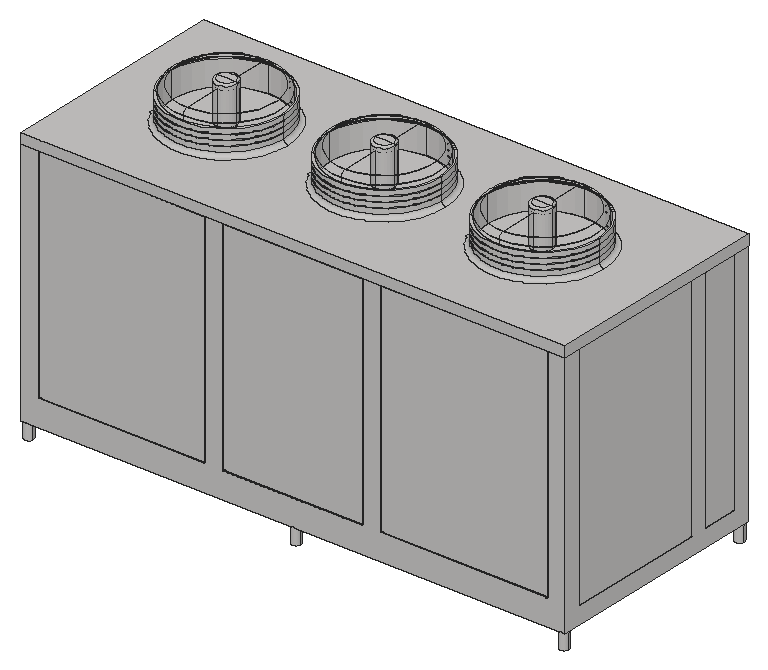
Revit family "QF_NuovAIR_CU-N550T2XL----", category Specialty Equipment, Revit 2019
Family settings
  Round Connector Dimension = Use Diameter
  Part Type = Normal
  Work Plane-Based = No
  Always vertical = Yes
  Cut with Voids When Loaded = No
  Shared = No
  Room Calculation Point = No
Parameters (values of type "CU-N550T2XL_400V 50A")
  Weight = 1133.00 kg
  Volts = 400 V
  Volt Free Conn = no
  URL Manufacturer = "https://www.nuovair.com/"
  URL Cutsheet = "N550T2XL-en-1.pdf"
  URL = ""
  Show Logo [instance] = yes
  Show Clearance [instance] = no
  Refrigeration Suction Line Size = 54 mm
  Refrigeration Liquid Line Size = 22 mm
  Refrigeration Energy Efficiency Index = ""
  Refrigeration Climate Class = ""
  Refrigerant Type = "R452a"
  Refrigerant Compressor Remote = no
  Potential Equalisation = yes
  Phase = 3
  Number of Poles = 3
  Model = "CU-N550T2XL"
  Mat_Legs = QF_Stainless-Brushed
  Mat_Clearance = QF_Clearance
  Mat_Case = QF_Stainless-Brushed
  Masterspec = ""
  Manufacturer = "NUOVAIR"
  Main switch integrated = no
  Length Actual = 3100 mm  # constant formula
  Legs_R = 25 mm  # constant formula
  Keynote = "0"
  Item Number = "CU-N550T2XL"
  Identify Quantity as Lot = no
  Horse Power = "35"
  Height Actual = 1780 mm  # constant formula
  Foodservice Equipment Identifier = yes
  Energy Efficiency Labelling = ""
  FL Amps = 76 A
  Electric power = 38000000 W
  Elec Connection Height = 400 mm
  Ele_Note = ""
  Direct Waste Size = 0 mm
  Direct Waste Connection Height = 0 mm
  Description = "Condensing Unit"
  Description_FR = ""
  Description_ES = ""
  Description_EN = ""
  Description_DE = ""
  Depth Actual = 1300 mm  # constant formula
  Cycle = 50 Hz
  Conn Plug = "terminal block"
  CE Approved = yes
  Author = ""
  Accessory = no
Types (3, lengths in mm): name | Volts | FL Amps | Cycle
  CU-N550T2XL_400V 50A | 400 V | 76 A | 50 Hz
  CU-N550T2XL_440V 60A | 440 V | 83 A | 60 Hz
  CU-N550T2XL_230V 60A | 230 V | 159 A | 60 Hz
Reference planes
  plane 1 "Center (Front/Back)": y = 0
  plane 2: z = 0
  plane 3 "Center (Left/Right)": x = 0
  plane 4 "SX": x = -1550
  plane 5 "DX": x = 1550
  plane 6: y = -1300
  plane 7: y = -2100
  plane 8 "top": z = 1780
  plane 9: y = 800
  plane 10: x = 2050
  plane 11: x = -2050
  plane 12 "Base": z = 90
  plane 13: z = 1500
  plane 14: x = -1525
  plane 15: x = 1525
  plane 16: y = -25
  plane 17: y = -1275
  plane 18: z = 1560
  plane 19: z = 190
  plane 20: y = -100
  plane 21: y = -1200
  plane 22: x = -1450
  plane 23: x = -500
  plane 24: x = 500
  plane 25: x = 1450
  plane 26: z = 240
  plane 27: x = -400
  plane 28: x = 400
  plane 29: y = -300
  plane 30: y = -400
  plane 31 "Ventilator_X_01": x = -900
  plane 32 "Ventilator_X_02": x = 900
  plane 33 "Ventilator_Y": y = -650
Forms (mm)
  Extrusion 1, solid, material "QF_Clearance" <- "Mat_Clearance", visible <- "Show Clearance"
    sketch origin (0, 0, 0) x (1, 0, 0) y (0, 1, 0)
      loop
        line (-1550, 800) -> (-1550, -2100) -> (1550, -2100) -> (1550, 800) -> (-1550, 800)
    from 0 to 1780
  Extrusion 2, solid, material "QF_Clearance" <- "Mat_Clearance", visible <- "Show Clearance"
    sketch origin (0, 0, 0) x (1, 0, 0) y (0, 1, 0)
      loop
        line (-1550, 0) -> (-1550, -1300) -> (1550, -1300) -> (1550, 0) -> (-1550, 0)
    from 0 to 1780
  Extrusion 3, solid, material "QF_Stainless-Brushed" <- "Mat_Case", detail levels medium+fine
    sketch origin (0, 0, 90) x (-1, 0, 0) y (0, -1, 0)
      loop
        line (1550, 0) -> (1550, 1300) -> (-1550, 1300) -> (-1550, 0) -> (1550, 0)
    from 0 to 1410
  Extrusion 4, solid, material "QF_Clearance", visible <- "Show Clearance"
    sketch origin (0, 0, 0) x (1, 0, 0) y (0, 1, 0)
      loop
        line (-2050, -1300) -> (2050, -1300) -> (2050, 0) -> (-2050, 0) -> (-2050, -1300)
    from 0 to 1780
  Extrusion 5, solid, material "QF_Stainless-Brushed" <- "Mat_Legs", detail levels medium+fine
    sketch origin (0, 0, 0) x (1, 0, 0) y (0, 1, 0)
      loop
        circle (-1525, -25) r 25
      loop
        circle (1525, -25) r 25
      loop
        circle (-1525, -1275) r 25
      loop
        circle (1525, -1275) r 25
      loop
        circle (0, -1275) r 25
      loop
        circle (0, -25) r 25
    from 0 to 90
  Extrusion 6, solid, material "QF_Stainless-Brushed", detail levels medium+fine
    sketch origin (-1430.553, -1524, 1500) x (-1, 0, 0) y (0, -1, 0)
      loop
        line (121.447, -1526) -> (121.447, -222) -> (-2982.553, -222) -> (-2982.553, -1526) -> (121.447, -1526)
    from 0 to 60
  Sweep 7, void
    path origin (-909.885, -1300, 4000) x (-1, 0, 0) y (0, 0, 1)
      loop
        line (540.115, -2500) -> (540.115, -3760) -> (-409.885, -3760) -> (-409.885, -2500)
    profile "PRF_scalpel : PRF_scalpel" origin (-1450, -1300, 870) x (-1, 0, 0) y (0, 1, 0)
      loop
        line (0, 1) -> (-2, -1) -> (-2, -51) -> (2, -51) -> (2, -1) -> (0, 1)
  Sweep 8, void
    path origin (950.115, -1300, 4000) x (-1, 0, 0) y (0, 0, 1)
      loop
        line (-499.885, -2500) -> (-499.885, -3760) -> (450.115, -3760) -> (450.115, -2500)
    profile "PRF_scalpel : PRF_scalpel" origin (1450, -1300, 870) x (-1, 0, 0) y (0, 1, 0)
      loop
        line (0, 1) -> (-2, -1) -> (-2, -51) -> (2, -51) -> (2, -1) -> (0, 1)
  Sweep 9, void
    path origin (0, 0, 0) x (1, 0, 0) y (0, 0, 1)
      loop
        line (1450, 1500) -> (1450, 240) -> (500, 240) -> (500, 1500)
    profile "PRF_scalpel : PRF_scalpel" origin (1450, 0, 870) x (1, 0, 0) y (0, -1, 0)
      loop
        line (0, 1) -> (-2, -1) -> (-2, -51) -> (2, -51) -> (2, -1) -> (0, 1)
  Sweep 10, void
    path origin (-700, 0, 0) x (1, 0, 0) y (0, 0, 1)
      loop
        line (1100, 1500) -> (1100, 240) -> (300, 240) -> (300, 1500)
    profile "PRF_scalpel : PRF_scalpel" origin (-400, 0, 870) x (1, 0, 0) y (0, -1, 0)
      loop
        line (0, 1) -> (-2, -1) -> (-2, -51) -> (2, -51) -> (2, -1) -> (0, 1)
  Sweep 11, void
    path origin (-1860, 0, 0) x (1, 0, 0) y (0, 0, 1)
      loop
        line (410, 1500) -> (410, 240) -> (1360, 240) -> (1360, 1500)
    profile "PRF_scalpel : PRF_scalpel" origin (-1450, 0, 870) x (1, 0, 0) y (0, -1, 0)
      loop
        line (0, 1) -> (-2, -1) -> (-2, -51) -> (2, -51) -> (2, -1) -> (0, 1)
  Sweep 12, void
    path origin (-1550, 180.447, 4000) x (0, 1, 0) y (0, 0, 1)
      loop
        line (-280.447, -2500) -> (-280.447, -3810) -> (-480.447, -3810) -> (-480.447, -2500)
    profile "PRF_scalpel : PRF_scalpel" origin (-1550, -100, 845) x (0, 1, 0) y (1, 0, 0)
      loop
        line (0, 1) -> (-2, -1) -> (-2, -51) -> (2, -51) -> (2, -1) -> (0, 1)
  Sweep 13, void
    path origin (-1550, -279.553, 4000) x (0, 1, 0) y (0, 0, 1)
      loop
        line (-920.447, -2500) -> (-920.447, -3810) -> (-120.447, -3810) -> (-120.447, -2500)
    profile "PRF_scalpel : PRF_scalpel" origin (-1550, -1200, 845) x (0, 1, 0) y (1, 0, 0)
      loop
        line (0, 1) -> (-2, -1) -> (-2, -51) -> (2, -51) -> (2, -1) -> (0, 1)
  Sweep 14, void
    path origin (1550, 180.447, 4000) x (0, 1, 0) y (0, 0, 1)
      loop
        line (-1380.447, -2500) -> (-1380.447, -3810) -> (-580.447, -3810) -> (-580.447, -2500)
    profile "PRF_scalpel : PRF_scalpel" origin (1550, -1200, 845) x (0, 1, 0) y (1, 0, 0)
      loop
        line (0, -1) -> (2, 1) -> (2, 51) -> (-2, 51) -> (-2, 1) -> (0, -1)
  Sweep 15, void
    path origin (1550, 640.447, 4000) x (0, 1, 0) y (0, 0, 1)
      loop
        line (-740.447, -2500) -> (-740.447, -3810) -> (-940.447, -3810) -> (-940.447, -2500)
    profile "PRF_scalpel : PRF_scalpel" origin (1550, -300, 845) x (0, 1, 0) y (1, 0, 0)
      loop
        line (0, -1) -> (2, 1) -> (2, 51) -> (-2, 51) -> (-2, 1) -> (0, -1)
  Sweep 16, void
    path origin (-909.885, -1300, 4000) x (-1, 0, 0) y (0, 0, 1)
      loop
        line (-509.885, -2500) -> (-509.885, -3760) -> (-1309.885, -3760) -> (-1309.885, -2500)
    profile "PRF_scalpel : PRF_scalpel" origin (-400, -1300, 870) x (-1, 0, 0) y (0, 1, 0)
      loop
        line (0, 1) -> (-2, -1) -> (-2, -51) -> (2, -51) -> (2, -1) -> (0, 1)
Cuts and joins
  joined: Extrusion 1, Extrusion 2
  Sweep 7, Sweep 8, Sweep 9, Sweep 10, Sweep 11, Sweep 12, Sweep 13, Sweep 14, Sweep 15, Sweep 16 cuts Extrusion 3
Lines and regions (mm)
  model lines, style "InvisibleLines"
    curve 1: line (-50, 0, 0) -> (50, 0, 0)
    curve 2: line (0, 50, 0) -> (0, -50, 0)
  model lines, style "QF_Case", detail levels coarse
    curve 3: line (-1550, 0, 0) -> (1550, 0, 0)
    curve 4: line (-1550, -1300, 0) -> (-1550, 0, 0)
    curve 5: line (1550, -1300, 0) -> (-1550, -1300, 0)
    curve 6: line (1550, 0, 0) -> (1550, -1300, 0)
    curve 7: line (1550, -1300, 1780) -> (1550, -1300, 0)
    curve 8: line (1550, 0, 1780) -> (1550, 0, 0)
    curve 9: line (-1550, -1300, 1780) -> (-1550, -1300, 0)
    curve 10: line (-1550, 0, 1780) -> (-1550, 0, 0)
    curve 11: line (-1550, 0, 1780) -> (1550, 0, 1780)
    curve 12: line (-1550, -1300, 1780) -> (-1550, 0, 1780)
    curve 13: line (1550, -1300, 1780) -> (-1550, -1300, 1780)
    curve 14: line (1550, 0, 1780) -> (1550, -1300, 1780)
Dimensions and locks
  curve 1 to plane 3 "Center (Left/Right)" to curve 1 = 50 mm locked, 50 mm locked
  curve 2 to plane 1 "Center (Front/Back)" to curve 2 = 50 mm locked, 50 mm locked
  "Height Actual": plane 8 "top" to level
  "Depth Actual": plane 6 to plane 1 "Center (Front/Back)"
  equal spacing: plane 4 "SX", plane 3 "Center (Left/Right)", plane 5 "DX"
  "Length Actual": plane 4 "SX" to plane 5 "DX"
  plane 6 to plane 1 "Center (Front/Back)" = 1300 mm
  locked: plane 1 "Center (Front/Back)" to plane 9 at 800
  locked: plane 6 to plane 7 at 800
  locked: plane 5 "DX" to plane 10 at 500
  locked: plane 11 to plane 4 "SX" at 500
  locked: plane 12 "Base" to Extrusion 4 at 90
  locked: plane 4 "SX" to plane 14 at 25
  locked: plane 15 to plane 5 "DX" at 25
  locked: plane 16 to plane 1 "Center (Front/Back)" at 25
  locked: Extrusion 6 sketch curve to plane 4 "SX" at 2
  locked: plane 5 "DX" to Extrusion 6 sketch curve at 2
  locked: plane 1 "Center (Front/Back)" to Extrusion 6 sketch curve at 2
  locked: plane 17 to plane 6 at 25
  locked: plane 6 to Extrusion 6 sketch curve at 2
  locked: plane 19 to plane 12 "Base" at 100
  locked: plane 20 to plane 1 "Center (Front/Back)" at 100
  locked: plane 21 to plane 6 at 100
  locked: plane 4 "SX" to plane 22 at 100
  locked: plane 4 "SX" to plane 23 at 1050
  locked: plane 25 to plane 5 "DX" at 100
  locked: plane 24 to plane 5 "DX" at 1050
  locked: plane 26 to plane 19 at 50
  locked: plane 13 to plane 12 "Base" at 1410
  locked: plane 18 to plane 13 at 60
  locked: plane 8 "top" to plane 18 at 220
  locked: plane 4 "SX" to plane 27 at 1150
  locked: plane 28 to plane 5 "DX" at 1150
  locked: plane 20 to plane 29 at 200
  locked: plane 29 to plane 30 at 100
  locked: plane 31 "Ventilator_X_01" to plane 3 "Center (Left/Right)" at 900
  locked: plane 3 "Center (Left/Right)" to plane 32 "Ventilator_X_02" at 900
  equal spacing: plane 6, plane 33 "Ventilator_Y", plane 1 "Center (Front/Back)", locked at 650 each
  "Legs_R": radius of Extrusion 5 sketch curve  (x6)
  aligned and locked: level to plane 2
  aligned and locked: Extrusion 1 sketch curve to plane 4 "SX"
  aligned and locked: plane 7 to Extrusion 1 sketch curve
  aligned and locked: Extrusion 1 sketch curve to plane 5 "DX"
  aligned and locked: plane 8 "top" to Extrusion 1
  aligned and locked: curve 3 to plane 1 "Center (Front/Back)"
  aligned and locked: curve 5 to plane 6
  aligned and locked: curve 6 to plane 5 "DX"
  aligned and locked: plane 4 "SX" to curve 4
  aligned and locked: plane 8 "top" to curve 8
  aligned and locked: plane 8 "top" to curve 7
  aligned and locked: plane 8 "top" to curve 10
  aligned and locked: plane 8 "top" to curve 9
  aligned and locked: level to curve 8
  aligned and locked: level to curve 7
  aligned and locked: level to curve 10
  aligned and locked: level to curve 9
  aligned and locked: curve 8 to plane 1 "Center (Front/Back)"
  aligned and locked: curve 10 to plane 1 "Center (Front/Back)"
  aligned and locked: plane 6 to curve 7
  aligned and locked: plane 6 to curve 9
  aligned and locked: Extrusion 2 sketch curve to plane 1 "Center (Front/Back)"
  aligned and locked: Extrusion 2 sketch curve to plane 6
  aligned and locked: plane 8 "top" to Extrusion 2
  aligned and locked: curve 11 to plane 1 "Center (Front/Back)"
  aligned and locked: curve 13 to plane 6
  aligned and locked: Extrusion 3 sketch curve to plane 1 "Center (Front/Back)"
  aligned and locked: Extrusion 3 sketch curve to plane 5 "DX"
  aligned and locked: plane 4 "SX" to Extrusion 3 sketch curve
  aligned and locked: Extrusion 1 sketch curve to plane 9
  aligned and locked: Extrusion 4 sketch curve to plane 11
  aligned and locked: plane 10 to Extrusion 4 sketch curve
  aligned and locked: Extrusion 4 sketch curve to plane 6
  aligned and locked: Extrusion 4 sketch curve to plane 1 "Center (Front/Back)"
  aligned and locked: Extrusion 4 to plane 8 "top"
  aligned and locked: Extrusion 4 to level
  aligned and locked: Extrusion 3 to plane 12 "Base"
  aligned and locked: plane 13 to Extrusion 3
  aligned and locked: plane 14 to Extrusion 5 sketch curve  (x2)
  aligned and locked: plane 15 to Extrusion 5 sketch curve  (x2)
  aligned and locked: plane 17 to Extrusion 5 sketch curve  (x3)
  aligned and locked: plane 16 to Extrusion 5 sketch curve  (x3)
  aligned and locked: Extrusion 5 to level
  aligned and locked: Extrusion 6 to plane 13
  aligned and locked: Extrusion 3 sketch curve to plane 6
  aligned and locked: plane 18 to Extrusion 6
  aligned and locked: plane 13 to Sweep 7 sketch curve  (x2)
  aligned and locked: Sweep 7 sketch curve to plane 22
  aligned and locked: plane 13 to Sweep 8 sketch curve  (x2)
  aligned and locked: Sweep 8 sketch curve to plane 25
  aligned and locked: plane 13 to Sweep 9 sketch curve  (x2)
  aligned and locked: plane 25 to Sweep 9 sketch curve
  aligned and locked: plane 13 to Sweep 10 sketch curve  (x2)
  aligned and locked: plane 13 to Sweep 11 sketch curve  (x2)
  aligned and locked: plane 22 to Sweep 11 sketch curve
  aligned and locked: plane 13 to Sweep 12 sketch curve  (x2)
  aligned and locked: plane 19 to Sweep 12 sketch curve  (x2)
  aligned and locked: plane 20 to Sweep 12 sketch curve
  aligned and locked: plane 13 to Sweep 13 sketch curve  (x2)
  aligned and locked: plane 19 to Sweep 13 sketch curve
  aligned and locked: plane 21 to Sweep 13 sketch curve
  aligned and locked: plane 13 to Sweep 14 sketch curve  (x2)
  aligned and locked: plane 19 to Sweep 14 sketch curve
  aligned and locked: Sweep 14 sketch curve to plane 21
  aligned and locked: plane 13 to Sweep 15 sketch curve  (x2)
  aligned and locked: plane 19 to Sweep 15 sketch curve
  aligned and locked: Sweep 15 sketch curve to plane 20
  aligned and locked: plane 12 "Base" to Extrusion 5
  aligned and locked: plane 26 to Sweep 7 sketch curve
  aligned and locked: plane 23 to Sweep 7 sketch curve
  aligned and locked: Sweep 8 sketch curve to plane 24
  aligned and locked: Sweep 8 sketch curve to plane 26
  aligned and locked: plane 28 to Sweep 10 sketch curve
  aligned and locked: plane 26 to Sweep 10 sketch curve
  aligned and locked: plane 27 to Sweep 10 sketch curve
  aligned and locked: plane 24 to Sweep 9 sketch curve
  aligned and locked: plane 26 to Sweep 9 sketch curve
  aligned and locked: plane 23 to Sweep 11 sketch curve
  aligned and locked: Sweep 11 sketch curve to plane 26
  aligned and locked: plane 30 to Sweep 14 sketch curve
  aligned and locked: Sweep 14 sketch curve to plane 19
  aligned and locked: Sweep 15 sketch curve to plane 29
  aligned and locked: Sweep 15 sketch curve to plane 19
  aligned and locked: plane 29 to Sweep 12 sketch curve
  aligned and locked: plane 30 to Sweep 13 sketch curve
  aligned and locked: Sweep 13 sketch curve to plane 19
  aligned and locked: plane 5 "DX" to nested 2
  aligned and locked: plane 5 "DX" to nested 1
  aligned and locked: plane 1 "Center (Front/Back)" to nested 1
  aligned and locked: plane 1 "Center (Front/Back)" to nested 2
  aligned and locked: nested 3 to plane 1 "Center (Front/Back)"
  aligned and locked: nested 3 to plane 4 "SX"
  aligned and locked: plane 3 "Center (Left/Right)" to Extrusion 5 sketch curve  (x2)
  aligned and locked: nested 4 to plane 31 "Ventilator_X_01"
  aligned and locked: nested 5 to plane 3 "Center (Left/Right)"
  aligned and locked: nested 6 to plane 32 "Ventilator_X_02"
  aligned and locked: plane 33 "Ventilator_Y" to nested 6
  aligned and locked: plane 33 "Ventilator_Y" to nested 4
  aligned and locked: plane 33 "Ventilator_Y" to nested 5
  aligned and locked: plane 13 to Sweep 16 sketch curve  (x2)
  aligned and locked: Sweep 16 sketch curve to plane 26
  aligned and locked: Sweep 16 sketch curve to plane 27
  aligned and locked: plane 28 to Sweep 16 sketch curve
Automatic sketch dimensions
  curve 2 to plane 3 "Center (Left/Right)" = 0 mm
  plane 1 "Center (Front/Back)" to curve 1 = 0 mm
  curve 11 to plane 5 "DX" = 0 mm
  curve 13 to plane 4 "SX" = 0 mm
  Extrusion 2 sketch curve to plane 4 "SX" = 0 mm
  Extrusion 2 sketch curve to plane 5 "DX" = 0 mm
Nested families
  nested 1: "Connection_DxSx" at (1550, 0, 1000), type "KTM", not visible
    with Width_DX 0 mm, Width Offset 0 mm, Depth Offset 350 mm, DX no
  nested 2: "Connection_DxSx" at (1550, 0, 270), type "KTM", not visible
    with Width_DX 0 mm, Width Offset 0 mm, Depth Offset 350 mm, DX no
  nested 3: "Connection_DxSx" at (-1550, 0, 400) x (0, -1, 0) z (0, 0, 1), built-in parameter 1001364 <- "Elec Connection Height", type "KTM", not visible
    with Width_DX 120 mm, Width Offset 60 mm, Depth Offset 0 mm, DX yes
  nested 4: "Ventilator_B" at (-900, -650, 1560) x (-1, 0, 0) z (0, 0, 1), Mat_A <- "Mat_Case", Mat_B <- "Mat_Case", type "Ventilator_B", detail levels medium+fine
    with Mat_C QF_Cross20x20, Mat_B QF_Stainless-Brushed, Mat_A QF_Stainless-Brushed
  nested 5: "Ventilator_B" at (0, -650, 1560) x (-1, 0, 0) z (0, 0, 1), Mat_A <- "Mat_Case", Mat_B <- "Mat_Case", type "Ventilator_B", detail levels medium+fine
    with Mat_C QF_Cross20x20, Mat_B QF_Stainless-Brushed, Mat_A QF_Stainless-Brushed
  nested 6: "Ventilator_B" at (900, -650, 1560) x (-1, 0, 0) z (0, 0, 1), Mat_A <- "Mat_Case", Mat_B <- "Mat_Case", type "Ventilator_B", detail levels medium+fine
    with Mat_C QF_Cross20x20, Mat_B QF_Stainless-Brushed, Mat_A QF_Stainless-Brushed
Connectors
  piping at (1550.5, -350, 1000), diameter 54, driven by "Refrigeration Suction Line Size"
    settings: on nested 1, index 3, connector inside diameter 609.6 mm, connector length 0 mm, flow factor 0, pipe flow 0.0 L/s, pressure drop 0.0 Pa, fitting loss kfactor 0, connector angle 0.00°, fixture units 0, engagement length 0 mm, angle of deflection 0.00°, flow configuration 0, flow direction 1, fitting loss method 0, system type 22, joint type 0, gender type 0, connector reference index -1, connector utility 0, adjustable connector no, is connector primary yes, connector description "Suction Line"
  piping at (1550.5, -350, 270), diameter 22, driven by "Refrigeration Liquid Line Size"
    settings: on nested 2, index 4, connector inside diameter 609.6 mm, connector length 0 mm, flow factor 0, pipe flow 0.0 L/s, pressure drop 0.0 Pa, fitting loss kfactor 0, connector angle 0.00°, fixture units 0, engagement length 0 mm, angle of deflection 0.00°, flow configuration 0, flow direction 2, fitting loss method 0, system type 22, joint type 0, gender type 0, connector reference index -1, connector utility 0, adjustable connector no, is connector primary no, connector description "Liquid Line"
  electrical at (-1550.5, -60, 400), driven by "Number of Poles", driven by "Volts", driven by "Electric power", driven by "Ele_Note"
    settings: on nested 3, index 6, voltage 400 V, apparent load 38000000 VA, apparent load phase1 0 VA, apparent load phase2 0 VA, apparent load phase3 0 VA, power factor 1, load classification "Power", number of poles 3, system type 30, power factor state 1, is connector primary yes, connector utility no, sub classification motor no, connector description ""
Definition of nested family "Connection_DxSx"
  Parameters (values of type "KTM")
    Width_DX [instance] = if(DX, Width Offset * 2, 0 mm)  # 120 mm
    Width Offset [instance] = 60 mm
    Manufacturer = "Gjiom by www.RevitLandia.com"  # constant formula
    Depth Offset [instance] = 50 mm
    Default Elevation = 0 mm
    DX [instance] = yes
  Reference planes
    plane 1 "Center (Front/Back)": y = 0
    plane 2: z = 0
    plane 3 "Center (Left/Right)": x = 0
    plane 4 "Depth Offset": y = -50
    plane 5: x = 60
    plane 6: x = -60
  Forms (mm)
    Extrusion 1, solid
      sketch origin (0, 0, 0) x (1, 0, 0) y (0, 1, 0)
        loop
          circle (60, -50) r 15
      from -0.5 to 0.5
    Extrusion 2, solid
      sketch origin (0, -50, 0) x (-1, 0, 0) y (0, 0, 1)
        loop
          circle (-60, 0) r 15
      from -0.5 to 0.5
    Extrusion 3, solid
      sketch origin (60, 93.537, 4000) x (0, 1, 0) y (0, 0, 1)
        loop
          circle (-143.537, -4000) r 15
      from -0.5 to 0.5
  Lines and regions (mm)
    model lines
      curve 1: line (0, 0, 0) -> (0, -20, 0)
  Dimensions and locks
    "Depth Offset": plane 1 "Center (Front/Back)" to plane 4 "Depth Offset"
    "Width Offset": plane 6 to plane 3 "Center (Left/Right)"
    "Width_DX": plane 6 to plane 5
    aligned and locked: level to plane 2
    aligned and locked: plane 4 "Depth Offset" to Extrusion 1 sketch curve
    aligned and locked: level to Extrusion 2 sketch curve
    aligned and locked: level to Extrusion 3 sketch curve
    aligned and locked: plane 4 "Depth Offset" to Extrusion 3 sketch curve
    aligned and locked: plane 5 to Extrusion 1 sketch curve
    aligned and locked: plane 5 to Extrusion 2 sketch curve
  Automatic sketch dimensions
    curve 1 to plane 3 "Center (Left/Right)" = 0 mm
    plane 1 "Center (Front/Back)" to curve 1 = 0 mm
    plane 1 "Center (Front/Back)" to curve 1 = 20 mm
    radius of Extrusion 1 sketch curve = 15 mm
    radius of Extrusion 2 sketch curve = 15 mm
    radius of Extrusion 3 sketch curve = 15 mm
Definition of nested family "Ventilator_B"
  Parameters (values of type "Ventilator_B")
    Mat_C [instance] = none
    Mat_A [instance] = none
    Default Elevation = 1219.2 mm
    Mat_B [instance] = none
  Reference planes
    plane 1 "Centro (Fronte/Retro)": y = 0
    plane 2: z = 0
    plane 3 "Centro (Sinistra/Destra)": x = 0
    plane 4: z = 145
    plane 5: z = 190
    plane 6: z = 220
    plane 7: z = 25
    plane 8: z = 55
    plane 9: z = 85
    plane 10: z = 115
    plane 11: z = 56
    plane 12: z = 86
    plane 13: z = 116
    plane 14: z = 54
    plane 15: z = 84
    plane 16: z = 114
  Forms (mm)
    Revolve 1, solid, material <- "Mat_B"
      sketch origin (0, 0, 0) x (1, 0, 0) y (0, 0, 1)
        loop
          arc (-50, 220) -> (-57.071, 217.071) -> (-60, 210) r 10
          line (-60, 210) -> (-60, 0) -> (0, 0) -> (0, 220) -> (-50, 220)
        axis (0, 220) -> (0, 0)
      angle from 0 to 360
    Revolve 2, solid, material <- "Mat_C"
      sketch origin (0, 0, 0) x (0, 1, 0) y (0, 0, 1)
        loop
          arc (-275, 190) -> (-296.213, 181.213) -> (-305, 160) r 30
          line (-305, 160) -> (-305, 0) -> (-60, 0) -> (-60, 190) -> (-275, 190)
        axis (0, 0) -> (0, 190)
      angle from 0 to 360
    Revolve 3, solid, material <- "Mat_A"
      sketch origin (0, 0, 0) x (1, 0, 0) y (0, 0, 1)
        loop
          line (-325, 145) -> (-325, 116) -> (-324, 115) -> (-325, 114) -> (-325, 86) -> (-324, 85) -> (-325, 84) -> (-325, 56) -> (-324, 55) -> (-325, 54) -> (-325, 25)
          arc (-325, 25) -> (-332.322, 7.322) -> (-350, 0) r 25
          line (-350, 0) -> (-315, 0) -> (-315, 145) -> (-325, 145)
        axis (0, 145) -> (0, 0)
      angle from 0 to 360
  Dimensions and locks
    locked: plane 4 to level at 145
    locked: plane 5 to level at 190
    locked: plane 6 to level at 220
    locked: plane 3 "Centro (Sinistra/Destra)" to Revolve 1 sketch curve at 60
    locked: Revolve 2 sketch curve to plane 1 "Centro (Fronte/Retro)" at 60
    locked: plane 7 to level at 25
    locked: plane 3 "Centro (Sinistra/Destra)" to Revolve 3 sketch curve at 315
    locked: plane 3 "Centro (Sinistra/Destra)" to Revolve 3 sketch curve at 325
    locked: plane 3 "Centro (Sinistra/Destra)" to Revolve 3 sketch curve at 350
    Revolve 2 sketch curve to plane 1 "Centro (Fronte/Retro)" = 305 mm
    locked: plane 8 to plane 7 at 30
    locked: plane 9 to plane 8 at 30
    locked: plane 10 to plane 9 at 30
    aligned and locked: level to plane 2
    aligned and locked: Revolve 1 sketch curve to plane 3 "Centro (Sinistra/Destra)"  (x2)
    aligned and locked: Revolve 1 sketch curve to plane 6
    aligned and locked: level to Revolve 1 sketch curve
    aligned and locked: Revolve 2 sketch curve to plane 5
    aligned and locked: plane 2 to Revolve 2 sketch curve
    aligned and locked: Revolve 2 sketch curve to plane 1 "Centro (Fronte/Retro)"
    aligned and locked: Revolve 3 sketch curve to plane 4
    aligned and locked: level to Revolve 3 sketch curve
    aligned and locked: Revolve 3 sketch curve to plane 3 "Centro (Sinistra/Destra)"
    aligned and locked: plane 7 to Revolve 3 sketch curve
